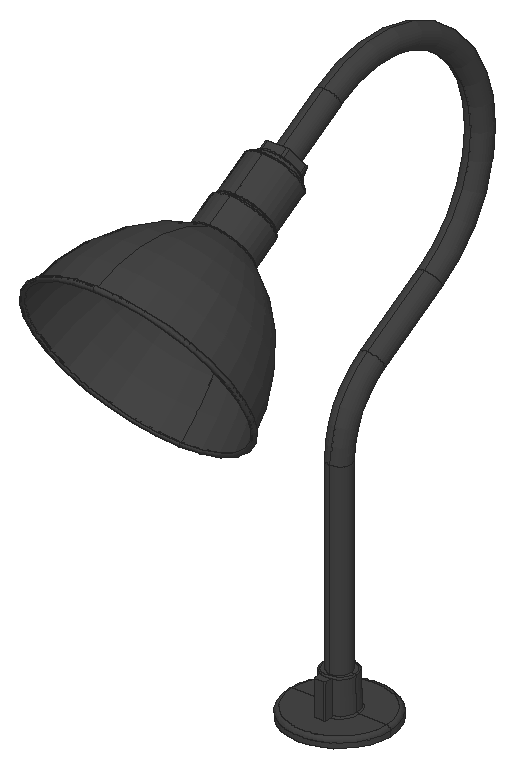
Revit family "BLE-G-DBW-G25-E26", category Lighting Fixtures, host Face, Revit 2022
Family settings
  Host = Face
  Round Connector Dimension = Use Diameter
  Part Type = Normal
  Cut with Voids When Loaded = No
  Light Source = Yes
  Maintain Annotation Orientation = No
  Shared = No
  Room Calculation Point = No
Parameters (values of type "10"")
  Wattage = 5.72229 W
  built-in parameter 1150110 = 1 (stored number, unit not read)
  built-in parameter 1114217 = 1 (stored number, unit not read)
  Tilt Angle = 0.00°
  built-in parameter 1150109 = 1 (stored number, unit not read)
  built-in parameter 1150134 = (empty or 0)
  built-in parameter 1150113 = 1 (stored number, unit not read)
  Gooseneck Material = 100 - Black
  Shade Material = 100 - Black
  Photometric Web File = "generic"
  built-in parameter 1150142 = (empty or 0)
  built-in parameter 1150105 = 67.641 (stored number, unit not read)
  Lumens = 850 lm
  built-in parameter 1150115 = 1 (stored number, unit not read)
  built-in parameter 1150137 = (empty or 0)
  built-in parameter 1150139 = (empty or 0)
  built-in parameter 1150112 = 1 (stored number, unit not read)
  built-in parameter 1150114 = 1 (stored number, unit not read)
  built-in parameter 1150132 = 2
  built-in parameter 1150102 = (empty or 0)
  built-in parameter 1150107 = 3000 (stored number, unit not read)
  built-in parameter 1150138 = (empty or 0)
  built-in parameter 1150106 = 0.67641 (stored number, unit not read)
  built-in parameter 1150104 = 13.8 (stored number, unit not read)
  20" = no
  Dimming Lamp Color Temperature Shift = <None>
  Default Elevation = 4' - 0"
  Color Filter = 16777215
  Base Material = 100 - Black
  built-in parameter 1114218 = 1 (stored number, unit not read)
  built-in parameter 1150133 = 10 (stored number, unit not read)
  16" = no
  14" = no
  12" = no
  10" = yes
Types (6): name | 20" | 16" | 14" | 12" | 10"
  (no name) | no | no | no | no | yes
  12" | no | no | no | yes | no
  14" | no | no | yes | no | no
  16" | no | yes | no | no | no
  10" | no | no | no | no | yes
  20" | yes | no | no | no | no
Reference planes (in)
  plane 1 "Center (Front/Back)": y = 0
  plane 2: z = 0
  plane 3 "Center (Left/Right)": x = 0
Lines and regions (in)
  reference lines
    curve 1: line (0, 32, 0) -> (0, -36, 0)
    curve 2: line (-33.11947, 0, 0) -> (37.88053, 0, 0)
Dimensions and locks (in)
  locked: nested 6 to imposter light at 1.75
  aligned and locked: plane 2 to host face
  aligned and locked: level to host face
  aligned and locked: plane 3 "Center (Left/Right)" to nested 1
  aligned and locked: plane 1 "Center (Front/Back)" to nested 1
  aligned and locked: imposter light to nested 6
  aligned and locked: nested 7 to nested 3
  aligned and locked: imposter light to plane 3 "Center (Left/Right)"
  aligned and locked: plane 1 "Center (Front/Back)" to nested 2
  aligned and locked: nested 3 to plane 3 "Center (Left/Right)"
  aligned and locked: nested 3 to nested 6
  aligned and locked: imposter light to nested 3
  aligned and locked: imposter light to nested 5
Nested families (in)
  nested 1: "WBP-7501" at (0, 0, 0), type "WBP-7501"
  nested 2: "G25" at (0, 0, 1.975), type "GNK-5011"
  nested 3: "DBW Shade" at (0, -3.65499, 23.80737) x (0, 0.5, -0.866) z (0, -0.866, -0.5), type "DBW Shade"
    with 24" no, 20" no, 16" no, 14" no, 12" no
  nested 4: "103264" at (0, -3.60156, 48.3054) x (0, 0, -1) z (0, -1, 0), type "103264"
    with Heat Sink 9" no
  nested 5: "CPL-0004" at (0, -3.09192, 24.13246) x (1, 0, 0) z (0, -0.866, -0.5), type "CPL-0004"
  nested 6: "E26 Socket Assy" at (0, -3.68882, 23.78784) x (0, 0.5, -0.866) z (0, -0.866, -0.5), type "E26 Socket Assy"
  nested 7: "E26 Bulb" at (0, -5.64169, 22.66034) x (1, 0, 0) z (0, -0.866, -0.5), type "E26 Bulb"
Connectors (in)
  electrical at (0, 0, 0)
    settings: index 1, voltage 0 V, apparent load 0 VA, apparent load phase1 0 VA, apparent load phase2 0 VA, apparent load phase3 0 VA, power factor 1, load classification "Other", number of poles 1, system type 31, power factor state 1, is connector primary yes, connector utility no, sub classification motor no, connector description ""
Definition of nested family "WBP-7501"
  Parameters (values of type "WBP-7501")
    Default Elevation = 3' - 0"
    Base Material = none
  Reference planes (in)
    plane 1 "Center (Front/Back)": y = 0
    plane 2: z = 0
    plane 3 "Center (Left/Right)": x = 0
    plane 4 "Base Dia": x = -2.325
    plane 5 "Base Height": z = 0.4
    plane 6 "Fillet Radius": z = 0.225
    plane 7: z = 0.458
    plane 8: x = -0.87
    plane 9: x = -0.81
    plane 10: x = -0.76
    plane 11: z = 1.917
    plane 12: z = 1.975
    plane 13: x = -0.7
    plane 14: x = -0.2595
    plane 15: x = 0.2595
    plane 16: y = -1.135
  Forms (in)
    Extrusion 1, solid
      sketch origin (0, 0, 0) x (1, 0, 0) y (0, 1, 0)
        loop
          line (-48, 48) -> (-48, -48) -> (48, -48) -> (48, 48) -> (-48, 48)
      from 0 to -12
    Revolve 2, solid, material <- "Base Material"
      sketch origin (0, 0, 0) x (1, 0, 0) y (0, 0, 1)
        loop
          line (0, 0) -> (0, 1.975) -> (-0.7, 1.975)
          arc (-0.7, 1.975) -> (-0.74172, 1.95814) -> (-0.76, 1.91702) r 0.06003
          line (-0.76, 1.91702) -> (-0.81, 0.458)
          arc (-0.81, 0.458) -> (-0.82699, 0.41699) -> (-0.868, 0.4) r 0.058
          line (-0.868, 0.4) -> (-2.15, 0.4)
          arc (-2.15, 0.4) -> (-2.27374, 0.34874) -> (-2.325, 0.225) r 0.175
          line (-2.325, 0.225) -> (-2.325, 0) -> (0, 0)
        axis (0, 0) -> (0, 1.975)
      angle from 0 to 360
    Extrusion 3, solid, material <- "Base Material"
      sketch origin (0, 0, 0) x (1, 0, 0) y (0, 1, 0)
        loop
          line (-0.2595, -0.76731) -> (-0.2595, -1.075)
          arc (-0.2595, -1.075) -> (-0.24193, -1.11743) -> (-0.1995, -1.135) r 0.06
          line (-0.1995, -1.135) -> (0.1995, -1.135)
          arc (0.1995, -1.135) -> (0.24193, -1.11743) -> (0.2595, -1.075) r 0.06
          line (0.2595, -1.075) -> (0.2595, -0.76731)
          arc (0.2595, -0.76731) -> (0, -0.81) -> (-0.2595, -0.76731) r 0.81
      from 0 to 1.975
  Cuts and joins
    joined: Revolve 2, Extrusion 3
  Dimensions and locks (in)
    plane 4 "Base Dia" to plane 3 "Center (Left/Right)" = 0' - 2.325"
    locked: plane 5 "Base Height" to Extrusion 1 at 0.4
    locked: plane 3 "Center (Left/Right)" to plane 4 "Base Dia" at 2.325
    locked: plane 5 "Base Height" to plane 6 "Fillet Radius" at 0.175
    locked: plane 3 "Center (Left/Right)" to plane 9 at 0.81
    locked: plane 3 "Center (Left/Right)" to plane 8 at 0.87
    locked: plane 3 "Center (Left/Right)" to plane 10 at 0.76
    locked: plane 3 "Center (Left/Right)" to plane 13 at 0.7
    locked: plane 11 to plane 5 "Base Height" at 1.517
    locked: plane 12 to plane 5 "Base Height" at 1.575
    locked: plane 7 to plane 5 "Base Height" at 0.058
    locked: plane 14 to plane 3 "Center (Left/Right)" at 0.2595
    locked: plane 3 "Center (Left/Right)" to plane 15 at 0.2595
    locked: plane 16 to plane 1 "Center (Front/Back)" at 1.135
    radius of Revolve 2 sketch curve = 0' - 0.175"
    aligned and locked: plane 2 to Extrusion 1
    aligned and locked: level to Extrusion 1
    aligned and locked: Revolve 2 sketch curve to plane 5 "Base Height"
    aligned and locked: plane 9 to Revolve 2 sketch curve
    aligned and locked: plane 3 "Center (Left/Right)" to Revolve 2 sketch curve
    aligned and locked: plane 15 to Extrusion 3 sketch curve
    aligned and locked: Extrusion 3 sketch curve to plane 16
    aligned and locked: Extrusion 3 sketch curve to plane 14
  Automatic sketch dimensions
    Extrusion 1 sketch curve to Extrusion 1 sketch curve = 8' - 0"  (x2)
    Revolve 2 sketch curve to level = 0' - 0"
    Revolve 2 sketch curve to plane 4 "Base Dia" = 0' - 0"
    Revolve 2 sketch curve to plane 7 = 0' - 0"  (x2)
    plane 10 to Revolve 2 sketch curve = 0' - 0"
    Revolve 2 sketch curve to plane 12 = 0' - 0"
    Revolve 2 sketch curve to plane 13 = 0' - 0"
    Revolve 2 sketch curve to plane 3 "Center (Left/Right)" = 0' - 0"
    Revolve 2 sketch curve to Revolve 2 sketch curve = 0' - 0.22742"
    Revolve 2 sketch curve to Revolve 2 sketch curve = 0' - 1.76377"
    plane 1 "Center (Front/Back)" to Extrusion 3 sketch curve = 0' - 0"
    Extrusion 3 sketch curve to plane 3 "Center (Left/Right)" = 0' - 0"
    plane 14 to Extrusion 3 sketch curve = 0' - 0.06"
    Extrusion 3 sketch curve to plane 15 = 0' - 0.06"
    Extrusion 3 sketch curve to Extrusion 3 sketch curve = 0' - 0.30769"
Definition of nested family "G25"
  Parameters (values of type "G25")
    Gooseneck Material = none
    Default Elevation = 2' - 0"
  Reference planes (in)
    plane 1 "Center (Front/Back)": y = 0
    plane 2: z = -0.0015
    plane 3 "Center (Left/Right)": x = 0
    plane 4 "Wood Height": z = -0.0015
  Forms (in)
    Extrusion 1, solid
      sketch origin (0, 0, 0) x (1, 0, 0) y (0, 1, 0)
        loop
          line (-48, 48) -> (-48, -48) -> (48, -48) -> (48, 48) -> (-48, 48)
      from -0.0015 to -12
    Sweep 2, solid, material <- "Gooseneck Material"
      path origin (0, 0, 0) x (0, 1, 0) y (0, 0, 1)
        loop
          line (0, -0.0015) -> (0, 8.50157)
          arc (0, 8.50157) -> (0.50169, 10.3739) -> (1.87233, 11.74454) r 3.74466
          line (1.87233, 11.74454) -> (5.12307, 13.62135)
          arc (5.12307, 13.62135) -> (7.22771, 21.47598) -> (-0.62692, 23.58062) r 5.74999
          line (-0.62692, 23.58062) -> (-3.09192, 22.15746)
      profile origin (0, 0, 4.25003) x (0, -1, 0) y (1, 0, 0)
        loop
          circle (0, 0) r 0.52676
  Dimensions and locks (in)
    aligned and locked: plane 2 to Extrusion 1
    aligned and locked: level to Extrusion 1
    aligned and locked: Extrusion 1 to plane 4 "Wood Height"
  Automatic sketch dimensions
    Extrusion 1 sketch curve to Extrusion 1 sketch curve = 8' - 0"  (x2)
    Sweep 2 sketch curve to plane 1 "Center (Front/Back)" = 0' - 0"
    Sweep 2 sketch curve to plane 2 = 0' - 0"
    plane 1 "Center (Front/Back)" to Sweep 2 sketch curve = 0' - 0.62692"
    Sweep 2 sketch curve to plane 1 "Center (Front/Back)" = 0' - 1.87233"
    Sweep 2 sketch curve to plane 1 "Center (Front/Back)" = 0' - 2.24807"
    Sweep 2 sketch curve to Sweep 2 sketch curve = 0' - 1.87233"
    level to Sweep 2 sketch curve = 0' - 8.50157"
    Sweep 2 sketch curve to Sweep 2 sketch curve = 0' - 1.87681"
    Sweep 2 sketch curve to Sweep 2 sketch curve = 0' - 1.42317"
    Sweep 2 sketch curve to plane 3 "Center (Left/Right)" = 0' - 0"
    Sweep 2 sketch curve to profile plane = 0' - 0"
    radius of Sweep 2 sketch curve = 0' - 0.52676"
Definition of nested family "DBW Shade"
  Parameters (values of type "DBW Shade")
    Shade Material = none
    Default Elevation = 2' - 0"
    24" = yes
    20" = yes
    10" = yes
    16" = yes
    14" = yes
    12" = yes
  Reference planes (in)
    plane 1 "Center (Front/Back)": y = 0
    plane 2: z = 0
    plane 3 "Center (Left/Right)": x = 0
  Forms (in)
    Extrusion 1, solid
      sketch origin (0, 0, 0) x (1, 0, 0) y (0, 1, 0)
        loop
          line (-48, 48) -> (-48, -48) -> (48, -48) -> (48, 48) -> (-48, 48)
      from 0 to -12
  Dimensions and locks (in)
    aligned and locked: plane 2 to Extrusion 1
    aligned and locked: level to Extrusion 1
    aligned and locked: plane 1 "Center (Front/Back)" to nested 1
    aligned and locked: plane 3 "Center (Left/Right)" to nested 1
    aligned and locked: plane 3 "Center (Left/Right)" to nested 2
    aligned and locked: plane 1 "Center (Front/Back)" to nested 2
    aligned and locked: plane 1 "Center (Front/Back)" to nested 3
    aligned and locked: plane 3 "Center (Left/Right)" to nested 3
    aligned and locked: plane 1 "Center (Front/Back)" to nested 4
    aligned and locked: plane 1 "Center (Front/Back)" to nested 5
    aligned and locked: plane 3 "Center (Left/Right)" to nested 5
    aligned and locked: plane 3 "Center (Left/Right)" to nested 6
    aligned and locked: plane 1 "Center (Front/Back)" to nested 6
    aligned and locked: plane 3 "Center (Left/Right)" to nested 4
  Nested families (in)
    nested 1: "SHD-0028" at (0, 0, 0), visible <- "10"", type "SHD-0028"
    nested 2: "SHD-0029" at (0, 0, 0), visible <- "12"", type "SHD-0029"
    nested 3: "SHD-0114" at (0, 0, 0), visible <- "14"", type "SHD-0114"
    nested 4: "SHD-0115" at (0, 0, 0), visible <- "16"", type "SHD-0115"
    nested 5: "SHD-0308" at (0, 0, 0), visible <- "24"", type "SHD-0308"
    nested 6: "SHD-0223" at (0, 0, 0), visible <- "20"", type "SHD-0223"
  Definition of nested family "SHD-0028"
    Parameters (values of type "SHD-0028")
      Shade Material = none
      Default Elevation = 2' - 0"
    Reference planes (in)
      plane 1 "Center (Front/Back)": y = 0
      plane 2: z = 0
      plane 3 "Center (Left/Right)": x = 0
      plane 4 "Wood Height": z = 0
      plane 5 "Nut Radius": x = -1.03713
      plane 6 "Nut Flat": x = -0.861
      plane 7 "Shade Thickness": z = 0.04
      plane 8 "Lower Shade bottom": z = 9.109
      plane 9 "Lower Shade Outer Dia": x = -5
      plane 10 "Shade Top Dia": x = -1.20713
      plane 11 "Shade Middle Radius Height1": z = 1.965
      plane 12 "Shade Lower Diameter1": x = -1.44113
      plane 13 "Shade Top Radius": x = -1.29713
      plane 14 "Shade Middle Radious Height2": z = 2.105
      plane 15 "Shade Middle Radius Diameter2": x = -1.41363
      plane 16 "Lip Height": z = 9.029
      plane 17 "Bowl Start": z = 3.545
      plane 18: x = -4.85
      plane 19: z = 9.069
    Forms (in)
      Extrusion 1, solid
        sketch origin (0, 0, 0) x (1, 0, 0) y (0, 1, 0)
          loop
            line (-48, 48) -> (-48, -48) -> (48, -48) -> (48, 48) -> (-48, 48)
        from 0 to -12
      Revolve 2, solid, material <- "Shade Material"
        sketch origin (0, 0, 0) x (1, 0, 0) y (0, 0, 1)
          loop
            line (0, 0) -> (0, 0.03906) -> (-1.20713, 0.03906)
            arc (-1.20713, 0.03906) -> (-1.24314, 0.05398) -> (-1.25806, 0.09) r 0.05094
            line (-1.25806, 0.09) -> (-1.25806, 1.94384)
            arc (-1.25806, 1.94384) -> (-1.26409, 1.97759) -> (-1.28141, 2.00717) r 0.09757
            line (-1.28141, 2.00717) -> (-1.37456, 2.11635) -> (-1.37456, 3.48096)
            arc (-1.37456, 3.48096) -> (-1.39014, 3.54099) -> (-1.43295, 3.58588) r 0.12347
            arc (-1.43295, 3.58588) -> (-3.7536, 5.90437) -> (-4.80544, 9.01154) r 7.20294
            arc (-4.80544, 9.01154) -> (-4.99326, 9.04214) -> (-4.84504, 8.9228) r 0.09841
            line (-4.84504, 8.9228) -> (-4.86619, 8.95581)
            arc (-4.86619, 8.95581) -> (-4.95809, 9.02506) -> (-4.84432, 9.00777) r 0.05934
            arc (-4.84432, 9.00777) -> (-3.78678, 5.88375) -> (-1.45354, 3.55268) r 7.242
            arc (-1.45354, 3.55268) -> (-1.42428, 3.522) -> (-1.41363, 3.48096) r 0.0844
            line (-1.41363, 3.48096) -> (-1.41363, 2.13147)
            arc (-1.41363, 2.13147) -> (-1.40868, 2.10377) -> (-1.39446, 2.07949) r 0.08009
            line (-1.39446, 2.07949) -> (-1.31112, 1.98181)
            arc (-1.31112, 1.98181) -> (-1.30074, 1.96408) -> (-1.29713, 1.94384) r 0.0585
            line (-1.29713, 1.94384) -> (-1.29713, 0.09)
            arc (-1.29713, 0.09) -> (-1.27077, 0.02636) -> (-1.20713, 0) r 0.09
            line (-1.20713, 0) -> (0, 0)
          axis (0, 9.01154) -> (0, 0)
        angle from 0 to 360
    Dimensions and locks (in)
      locked: plane 6 "Nut Flat" to plane 3 "Center (Left/Right)" at 0.861
      locked: plane 7 "Shade Thickness" to plane 4 "Wood Height" at 0.04
      locked: plane 3 "Center (Left/Right)" to plane 9 "Lower Shade Outer Dia" at 5
      locked: plane 11 "Shade Middle Radius Height1" to plane 4 "Wood Height" at 1.965
      locked: plane 14 "Shade Middle Radious Height2" to plane 4 "Wood Height" at 2.105
      locked: plane 8 "Lower Shade bottom" to plane 16 "Lip Height" at 0.08
      locked: plane 17 "Bowl Start" to plane 4 "Wood Height" at 3.545
      locked: plane 18 to plane 9 "Lower Shade Outer Dia" at 0.15
      locked: plane 8 "Lower Shade bottom" to plane 19 at 0.04
      locked: plane 8 "Lower Shade bottom" to plane 4 "Wood Height" at 9.109
      aligned and locked: plane 2 to Extrusion 1
      aligned and locked: level to Extrusion 1
      aligned and locked: plane 4 "Wood Height" to Revolve 2 sketch curve
      aligned and locked: plane 10 "Shade Top Dia" to Revolve 2 sketch curve
      aligned and locked: Revolve 2 sketch curve to plane 15 "Shade Middle Radius Diameter2"
      aligned and locked: Revolve 2 sketch curve to plane 13 "Shade Top Radius"
      aligned and locked: Extrusion 1 to plane 4 "Wood Height"
    Automatic sketch dimensions
      Extrusion 1 sketch curve to Extrusion 1 sketch curve = 8' - 0"  (x2)
      Revolve 2 sketch curve to Revolve 2 sketch curve = 0' - 0"  (x12)
      Revolve 2 sketch curve to plane 3 "Center (Left/Right)" = 0' - 0"  (x2)
      plane 18 to Revolve 2 sketch curve = 0' - 0.00496"
      Revolve 2 sketch curve to plane 18 = 0' - 0.01619"
      plane 15 "Shade Middle Radius Diameter2" to Revolve 2 sketch curve = 0' - 0.01916"
      plane 14 "Shade Middle Radious Height2" to Revolve 2 sketch curve = 0' - 0.01135"
      plane 15 "Shade Middle Radius Diameter2" to Revolve 2 sketch curve = 0' - 0 5/128"
      Revolve 2 sketch curve to plane 11 "Shade Middle Radius Height1" = 0' - 0.02116"
      plane 15 "Shade Middle Radius Diameter2" to Revolve 2 sketch curve = 0' - 0.058"
      plane 14 "Shade Middle Radious Height2" to Revolve 2 sketch curve = 0' - 0.02647"
      Revolve 2 sketch curve to plane 13 "Shade Top Radius" = 0' - 0.01572"
      Revolve 2 sketch curve to Revolve 2 sketch curve = 0' - 0 5/128"
      Revolve 2 sketch curve to plane 17 "Bowl Start" = 0' - 0.06404"
      plane 18 to Revolve 2 sketch curve = 0' - 0.00568"
      plane 17 "Bowl Start" to Revolve 2 sketch curve = 0' - 0.15101"
      Revolve 2 sketch curve to Revolve 2 sketch curve = 0' - 2.15863"
      Revolve 2 sketch curve to plane 12 "Shade Lower Diameter1" = 0' - 0.00818"
      Revolve 2 sketch curve to Revolve 2 sketch curve = 0' - 0.03888"  (x2)
      Revolve 2 sketch curve to Revolve 2 sketch curve = 0' - 0.03301"
      Revolve 2 sketch curve to Revolve 2 sketch curve = 0' - 0.02059"
      Revolve 2 sketch curve to Revolve 2 sketch curve = 0' - 0.03319"
  Definition of nested family "SHD-0029"
    Parameters (values of type "SHD-0029")
      Shade Material = none
      Default Elevation = 2' - 0"
    Reference planes (in)
      plane 1 "Center (Front/Back)": y = 0
      plane 2: z = 0
      plane 3 "Center (Left/Right)": x = 0
      plane 4 "Wood Height": z = 0
      plane 5 "Nut Radius": x = -1.03713
      plane 6 "Nut Flat": x = -0.861
      plane 7 "Shade Thickness": z = 0.04
      plane 8 "Shade Top Dia": x = -1.20713
      plane 9 "Shade Middle Radius Height1": z = 1.965
      plane 10 "Shade Lower Diameter1": x = -1.44113
      plane 11 "Shade Top Radius": x = -1.29713
      plane 12 "Shade Middle Radious Height2": z = 2.105
      plane 13 "Shade Middle Radius Diameter2": x = -1.41363
      plane 14 "Bowl Start": z = 3.545
    Forms (in)
      Extrusion 1, solid
        sketch origin (0, 0, 0) x (1, 0, 0) y (0, 1, 0)
          loop
            line (-48, 48) -> (-48, -48) -> (48, -48) -> (48, 48) -> (-48, 48)
        from 0 to -12
      Revolve 2, solid, material <- "Shade Material"
        sketch origin (0, 0, 0) x (1, 0, 0) y (0, 0, 1)
          loop
            line (0, 0) -> (0, 0.03906) -> (-1.20713, 0.03906)
            arc (-1.20713, 0.03906) -> (-1.24314, 0.05398) -> (-1.25806, 0.09) r 0.05094
            line (-1.25806, 0.09) -> (-1.25806, 1.94384)
            arc (-1.25806, 1.94384) -> (-1.26409, 1.97759) -> (-1.28141, 2.00717) r 0.09757
            line (-1.28141, 2.00717) -> (-1.37456, 2.11635) -> (-1.37456, 3.49488)
            arc (-1.37456, 3.49488) -> (-1.3856, 3.54027) -> (-1.41623, 3.57553) r 0.09889
            arc (-1.41623, 3.57553) -> (-4.2546, 6.22323) -> (-5.80711, 9.7808) r 9.56481
            arc (-5.80711, 9.7808) -> (-5.99536, 9.79563) -> (-5.84506, 9.68132) r 0.09841
            line (-5.84506, 9.68132) -> (-5.86621, 9.71432)
            arc (-5.86621, 9.71432) -> (-5.9593, 9.78052) -> (-5.84534, 9.77276) r 0.05934
            arc (-5.84534, 9.77276) -> (-4.28694, 6.2013) -> (-1.43786, 3.54296) r 9.60387
            arc (-1.43786, 3.54296) -> (-1.42003, 3.5218) -> (-1.41363, 3.49488) r 0.05982
            line (-1.41363, 3.49488) -> (-1.41363, 2.13147)
            arc (-1.41363, 2.13147) -> (-1.40868, 2.10377) -> (-1.39446, 2.07949) r 0.08009
            line (-1.39446, 2.07949) -> (-1.31112, 1.98181)
            arc (-1.31112, 1.98181) -> (-1.30074, 1.96408) -> (-1.29713, 1.94384) r 0.0585
            line (-1.29713, 1.94384) -> (-1.29713, 0.09)
            arc (-1.29713, 0.09) -> (-1.27077, 0.02636) -> (-1.20713, 0) r 0.09
            line (-1.20713, 0) -> (0, 0)
          axis (0, 9.7808) -> (0, 0)
        angle from 0 to 360
    Dimensions and locks (in)
      locked: plane 6 "Nut Flat" to plane 3 "Center (Left/Right)" at 0.861
      locked: plane 7 "Shade Thickness" to plane 4 "Wood Height" at 0.04
      locked: plane 9 "Shade Middle Radius Height1" to plane 4 "Wood Height" at 1.965
      locked: plane 12 "Shade Middle Radious Height2" to plane 4 "Wood Height" at 2.105
      locked: plane 14 "Bowl Start" to plane 4 "Wood Height" at 3.545
      aligned and locked: plane 2 to Extrusion 1
      aligned and locked: level to Extrusion 1
      aligned and locked: plane 4 "Wood Height" to Revolve 2 sketch curve
      aligned and locked: plane 8 "Shade Top Dia" to Revolve 2 sketch curve
      aligned and locked: Revolve 2 sketch curve to plane 13 "Shade Middle Radius Diameter2"
      aligned and locked: Revolve 2 sketch curve to plane 11 "Shade Top Radius"
      aligned and locked: Extrusion 1 to plane 4 "Wood Height"
    Automatic sketch dimensions
      Extrusion 1 sketch curve to Extrusion 1 sketch curve = 8' - 0"  (x2)
      Revolve 2 sketch curve to Revolve 2 sketch curve = 0' - 0"  (x15)
      Revolve 2 sketch curve to plane 3 "Center (Left/Right)" = 0' - 0"  (x2)
      plane 10 "Shade Lower Diameter1" to Revolve 2 sketch curve = 0' - 0.03232"
      Revolve 2 sketch curve to Revolve 2 sketch curve = 0' - 0.02115"
      Revolve 2 sketch curve to Revolve 2 sketch curve = 0' - 0.0372"
      plane 13 "Shade Middle Radius Diameter2" to Revolve 2 sketch curve = 0' - 0.01916"
      plane 12 "Shade Middle Radious Height2" to Revolve 2 sketch curve = 0' - 0.01135"
      plane 13 "Shade Middle Radius Diameter2" to Revolve 2 sketch curve = 0' - 0 5/128"
      Revolve 2 sketch curve to plane 9 "Shade Middle Radius Height1" = 0' - 0.02116"
      plane 13 "Shade Middle Radius Diameter2" to Revolve 2 sketch curve = 0' - 0.058"
      plane 12 "Shade Middle Radious Height2" to Revolve 2 sketch curve = 0' - 0.02647"
      Revolve 2 sketch curve to plane 11 "Shade Top Radius" = 0' - 0.01572"
      Revolve 2 sketch curve to Revolve 2 sketch curve = 0' - 0 5/128"
      Revolve 2 sketch curve to plane 14 "Bowl Start" = 0' - 0.05012"
      Revolve 2 sketch curve to Revolve 2 sketch curve = 0' - 0.03301"
      Revolve 2 sketch curve to Revolve 2 sketch curve = 0' - 0.04623"
      Revolve 2 sketch curve to plane 13 "Shade Middle Radius Diameter2" = 0' - 0.00261"
      Revolve 2 sketch curve to plane 14 "Bowl Start" = 0' - 0.00204"
      plane 14 "Bowl Start" to Revolve 2 sketch curve = 0' - 0.15101"
      Revolve 2 sketch curve to Revolve 2 sketch curve = 0' - 2.15863"
      plane 10 "Shade Lower Diameter1" to Revolve 2 sketch curve = 0' - 4.40394"
      plane 3 "Center (Left/Right)" to Revolve 2 sketch curve = 0' - 3.5532"
      plane 14 "Bowl Start" to Revolve 2 sketch curve = 0' - 6.13632"
  Definition of nested family "SHD-0114"
    Parameters (values of type "SHD-0114")
      Shade Material = none
      Default Elevation = 2' - 0"
    Reference planes (in)
      plane 1 "Center (Front/Back)": y = 0
      plane 2: z = 0
      plane 3 "Center (Left/Right)": x = 0
      plane 4 "Wood Height": z = 0
    Forms (in)
      Extrusion 1, solid
        sketch origin (0, 0, 0) x (1, 0, 0) y (0, 1, 0)
          loop
            line (-48, 48) -> (-48, -48) -> (48, -48) -> (48, 48) -> (-48, 48)
        from 0 to -12
      Revolve 2, solid, material <- "Shade Material"
        sketch origin (0, 0, 0) x (1, 0, 0) y (0, 0, 1)
          loop
            line (0, 0) -> (0, 0.03906) -> (-1.45545, 0.03906)
            arc (-1.45545, 0.03906) -> (-1.49164, 0.05405) -> (-1.50663, 0.09025) r 0.05119
            line (-1.50663, 0.09025) -> (-1.50663, 2.07228)
            arc (-1.50663, 2.07228) -> (-1.51325, 2.1034) -> (-1.53194, 2.12913) r 0.0765
            line (-1.53194, 2.12913) -> (-1.59895, 2.18946)
            arc (-1.59895, 2.18946) -> (-1.61737, 2.21483) -> (-1.62389, 2.24549) r 0.07539
            line (-1.62389, 2.24549) -> (-1.62389, 3.76049)
            arc (-1.62389, 3.76049) -> (-1.63985, 3.81863) -> (-1.68326, 3.86047) r 0.11386
            arc (-1.68326, 3.86047) -> (-5.12462, 6.95788) -> (-6.79993, 11.27416) r 9.99002
            arc (-6.79993, 11.27416) -> (-6.99505, 11.29998) -> (-6.84047, 11.17815) r 0.10205
            line (-6.84047, 11.17815) -> (-6.86365, 11.20959)
            arc (-6.86365, 11.20959) -> (-6.95906, 11.28479) -> (-6.83863, 11.26885) r 0.06299
            arc (-6.83863, 11.26885) -> (-5.15677, 6.93569) -> (-1.70196, 3.82617) r 10.02909
            arc (-1.70196, 3.82617) -> (-1.67344, 3.79868) -> (-1.66295, 3.76049) r 0.07479
            line (-1.66295, 3.76049) -> (-1.66295, 2.24549)
            arc (-1.66295, 2.24549) -> (-1.65306, 2.19894) -> (-1.62508, 2.16043) r 0.11445
            line (-1.62508, 2.16043) -> (-1.55808, 2.1001)
            arc (-1.55808, 2.1001) -> (-1.54893, 2.08751) -> (-1.54569, 2.07228) r 0.03743
            line (-1.54569, 2.07228) -> (-1.54569, 0.09025)
            arc (-1.54569, 0.09025) -> (-1.51926, 0.02643) -> (-1.45545, 0) r 0.09025
            line (-1.45545, 0) -> (0, 0)
          axis (0, 11.27416) -> (0, 0)
        angle from 0 to 360
    Dimensions and locks (in)
      aligned and locked: plane 2 to Extrusion 1
      aligned and locked: level to Extrusion 1
      aligned and locked: Extrusion 1 to plane 4 "Wood Height"
    Automatic sketch dimensions
      Extrusion 1 sketch curve to Extrusion 1 sketch curve = 8' - 0"  (x2)
      Revolve 2 sketch curve to Revolve 2 sketch curve = 0' - 0"  (x25)
      Revolve 2 sketch curve to level = 0' - 0"
      Revolve 2 sketch curve to plane 3 "Center (Left/Right)" = 0' - 0"  (x2)
      Revolve 2 sketch curve to Revolve 2 sketch curve = 0' - 0.01239"
      Revolve 2 sketch curve to Revolve 2 sketch curve = 0' - 0.07479"
      Revolve 2 sketch curve to Revolve 2 sketch curve = 0' - 0.02318"
      Revolve 2 sketch curve to Revolve 2 sketch curve = 0' - 0.03738"
      Revolve 2 sketch curve to Revolve 2 sketch curve = 0' - 0.03144"
      Revolve 2 sketch curve to Revolve 2 sketch curve = 0' - 0.0507"
      Revolve 2 sketch curve to Revolve 2 sketch curve = 0' - 0.01869"  (x2)
      Revolve 2 sketch curve to Revolve 2 sketch curve = 0' - 2.15863"
      plane 3 "Center (Left/Right)" to Revolve 2 sketch curve = 0' - 3.09734"
      Revolve 2 sketch curve to Revolve 2 sketch curve = 0' - 0.02614"
      Revolve 2 sketch curve to Revolve 2 sketch curve = 0' - 0 5/128"  (x2)
      Revolve 2 sketch curve to Revolve 2 sketch curve = 0' - 1.45545"
      Revolve 2 sketch curve to Revolve 2 sketch curve = 0' - 0.05119"
      Revolve 2 sketch curve to Revolve 2 sketch curve = 0' - 0.02531"
      Revolve 2 sketch curve to Revolve 2 sketch curve = 0' - 0.01656"
      Revolve 2 sketch curve to Revolve 2 sketch curve = 0' - 0.02505"
      Revolve 2 sketch curve to Revolve 2 sketch curve = 0' - 0.05045"
      Revolve 2 sketch curve to plane 3 "Center (Left/Right)" = 0' - 6.84047"
      Revolve 2 sketch curve to Revolve 2 sketch curve = 0' - 1.98204"
      Revolve 2 sketch curve to Revolve 2 sketch curve = 0' - 1.515"
      Revolve 2 sketch curve to Revolve 2 sketch curve = 0' - 7.41765"
      Revolve 2 sketch curve to Revolve 2 sketch curve = 0' - 0.06448"
  Definition of nested family "SHD-0115"
    Parameters (values of type "SHD-0115")
      Shade Material = none
      Default Elevation = 2' - 0"
    Reference planes (in)
      plane 1 "Center (Front/Back)": y = 0
      plane 2: z = 0
      plane 3 "Center (Left/Right)": x = 0
      plane 4 "Wood Height": z = 0
    Forms (in)
      Extrusion 1, solid
        sketch origin (0, 0, 0) x (1, 0, 0) y (0, 1, 0)
          loop
            line (-48, 48) -> (-48, -48) -> (48, -48) -> (48, 48) -> (-48, 48)
        from 0 to -12
      Revolve 2, solid, material <- "Shade Material"
        sketch origin (0, 0, 0) x (1, 0, 0) y (0, 0, 1)
          loop
            line (0, 0) -> (0, 0.03906) -> (-1.45545, 0.03906)
            arc (-1.45545, 0.03906) -> (-1.49164, 0.05405) -> (-1.50663, 0.09025) r 0.05119
            line (-1.50663, 0.09025) -> (-1.50663, 2.07228)
            arc (-1.50663, 2.07228) -> (-1.51325, 2.1034) -> (-1.53194, 2.12913) r 0.0765
            line (-1.53194, 2.12913) -> (-1.59895, 2.18946)
            arc (-1.59895, 2.18946) -> (-1.61737, 2.21483) -> (-1.62389, 2.24549) r 0.07539
            line (-1.62389, 2.24549) -> (-1.62389, 3.76049)
            arc (-1.62389, 3.76049) -> (-1.64115, 3.82076) -> (-1.6877, 3.86276) r 0.11386
            arc (-1.6877, 3.86276) -> (-5.9143, 7.51176) -> (-7.79992, 12.76759) r 10.98102
            arc (-7.79992, 12.76759) -> (-7.99459, 12.80067) -> (-7.84102, 12.67655) r 0.10205
            line (-7.84102, 12.67655) -> (-7.8642, 12.70799)
            arc (-7.8642, 12.70799) -> (-7.95899, 12.7846) -> (-7.83883, 12.76418) r 0.06299
            arc (-7.83883, 12.76418) -> (-5.94651, 7.48965) -> (-1.70487, 3.82767) r 11.02008
            arc (-1.70487, 3.82767) -> (-1.67429, 3.80009) -> (-1.66295, 3.76049) r 0.07479
            line (-1.66295, 3.76049) -> (-1.66295, 2.24549)
            arc (-1.66295, 2.24549) -> (-1.65306, 2.19894) -> (-1.62508, 2.16043) r 0.11445
            line (-1.62508, 2.16043) -> (-1.55808, 2.1001)
            arc (-1.55808, 2.1001) -> (-1.54893, 2.08751) -> (-1.54569, 2.07228) r 0.03743
            line (-1.54569, 2.07228) -> (-1.54569, 0.09025)
            arc (-1.54569, 0.09025) -> (-1.51926, 0.02643) -> (-1.45545, 0) r 0.09025
            line (-1.45545, 0) -> (0, 0)
          axis (0, 12.76759) -> (0, 0)
        angle from 0 to 360
    Dimensions and locks (in)
      aligned and locked: plane 2 to Extrusion 1
      aligned and locked: level to Extrusion 1
      aligned and locked: Extrusion 1 to plane 4 "Wood Height"
    Automatic sketch dimensions
      Extrusion 1 sketch curve to Extrusion 1 sketch curve = 8' - 0"  (x2)
      Revolve 2 sketch curve to Revolve 2 sketch curve = 0' - 0"  (x16)
      Revolve 2 sketch curve to level = 0' - 0"
      Revolve 2 sketch curve to plane 3 "Center (Left/Right)" = 0' - 0"  (x2)
      Revolve 2 sketch curve to Revolve 2 sketch curve = 0' - 1.45545"
      Revolve 2 sketch curve to plane 3 "Center (Left/Right)" = 0' - 1.50663"
      Revolve 2 sketch curve to Revolve 2 sketch curve = 0' - 0.02531"
      Revolve 2 sketch curve to Revolve 2 sketch curve = 0' - 0 5/128"
      Revolve 2 sketch curve to Revolve 2 sketch curve = 0' - 0.01656"
      Revolve 2 sketch curve to Revolve 2 sketch curve = 0' - 0.01239"
      Revolve 2 sketch curve to Revolve 2 sketch curve = 0' - 0.02505"
      Revolve 2 sketch curve to Revolve 2 sketch curve = 0' - 0.05045"
      Revolve 2 sketch curve to Revolve 2 sketch curve = 0' - 0.02494"
      Revolve 2 sketch curve to Revolve 2 sketch curve = 0' - 0.02614"
      Revolve 2 sketch curve to Revolve 2 sketch curve = 0' - 0.07479"
      Revolve 2 sketch curve to Revolve 2 sketch curve = 0' - 0.02318"
      Revolve 2 sketch curve to Revolve 2 sketch curve = 0' - 0.03738"
      plane 3 "Center (Left/Right)" to Revolve 2 sketch curve = 0' - 3.13919"
      Revolve 2 sketch curve to Revolve 2 sketch curve = 0' - 1.98204"
      Revolve 2 sketch curve to Revolve 2 sketch curve = 0' - 1.515"
      Revolve 2 sketch curve to Revolve 2 sketch curve = 0' - 0.03144"
      Revolve 2 sketch curve to Revolve 2 sketch curve = 0' - 0.0507"
      Revolve 2 sketch curve to Revolve 2 sketch curve = 0' - 1.04947"
      Revolve 2 sketch curve to Revolve 2 sketch curve = 0' - 0.03891"
      Revolve 2 sketch curve to Revolve 2 sketch curve = 0' - 0.06448"
      Revolve 2 sketch curve to Revolve 2 sketch curve = 0' - 2.15863"
  Definition of nested family "SHD-0308"
    Parameters (values of type "SHD-0308")
      Shade Material = none
      Default Elevation = 2' - 0"
    Reference planes (in)
      plane 1 "Center (Front/Back)": y = 0
      plane 2: z = 0
      plane 3 "Center (Left/Right)": x = 0
      plane 4 "Wood Height": z = 0
    Forms (in)
      Extrusion 1, solid
        sketch origin (0, 0, 0) x (1, 0, 0) y (0, 1, 0)
          loop
            line (-48, 48) -> (-48, -48) -> (48, -48) -> (48, 48) -> (-48, 48)
        from 0 to -12
      Revolve 2, solid, material <- "Shade Material"
        sketch origin (0, 0, 0) x (1, 0, 0) y (0, 0, 1)
          loop
            line (0, 0) -> (0, 0.03906) -> (-2.22237, 0.03906)
            arc (-2.22237, 0.03906) -> (-2.2742, 0.06053) -> (-2.29567, 0.11236) r 0.0733
            line (-2.29567, 0.11236) -> (-2.29567, 3.09806)
            arc (-2.29567, 3.09806) -> (-2.30835, 3.16758) -> (-2.34475, 3.22814) r 0.19691
            line (-2.34475, 3.22814) -> (-2.42725, 3.32189)
            arc (-2.42725, 3.32189) -> (-2.46224, 3.38009) -> (-2.47442, 3.4469) r 0.18923
            line (-2.47442, 3.4469) -> (-2.47442, 5.72055)
            arc (-2.47442, 5.72055) -> (-2.4994, 5.80773) -> (-2.56677, 5.86845) r 0.16462
            arc (-2.56677, 5.86845) -> (-9.0535, 11.47959) -> (-11.91654, 19.56448) r 16.76616
            arc (-11.91654, 19.56448) -> (-11.93143, 19.59499) -> (-11.96306, 19.60734) r 0.04667
            line (-11.96306, 19.60734) -> (-12.00319, 19.60734)
            arc (-12.00319, 19.60734) -> (-12.07667, 19.53386) -> (-12.00319, 19.46037) r 0.07348
            line (-12.00319, 19.46037) -> (-11.96309, 19.46037) -> (-11.96309, 19.49944) -> (-12.00319, 19.49944)
            arc (-12.00319, 19.49944) -> (-12.03761, 19.53386) -> (-12.00319, 19.56828) r 0.03442
            line (-12.00319, 19.56828) -> (-11.95604, 19.56828)
            arc (-11.95604, 19.56828) -> (-9.08774, 11.46046) -> (-2.58392, 5.83336) r 16.80523
            arc (-2.58392, 5.83336) -> (-2.53254, 5.78704) -> (-2.51348, 5.72055) r 0.12556
            line (-2.51348, 5.72055) -> (-2.51348, 3.4469)
            arc (-2.51348, 3.4469) -> (-2.49878, 3.3663) -> (-2.45658, 3.29609) r 0.22829
            line (-2.45658, 3.29609) -> (-2.37408, 3.20234)
            arc (-2.37408, 3.20234) -> (-2.34489, 3.15379) -> (-2.33473, 3.09806) r 0.15785
            line (-2.33473, 3.09806) -> (-2.33473, 0.11236)
            arc (-2.33473, 0.11236) -> (-2.30182, 0.03291) -> (-2.22237, 0) r 0.11236
            line (-2.22237, 0) -> (0, 0)
          axis (0, 19.60734) -> (0, 0)
        angle from 0 to 360
    Dimensions and locks (in)
      aligned and locked: plane 2 to Extrusion 1
      aligned and locked: level to Extrusion 1
      aligned and locked: Extrusion 1 to plane 4 "Wood Height"
    Automatic sketch dimensions
      Extrusion 1 sketch curve to Extrusion 1 sketch curve = 8' - 0"  (x2)
      Revolve 2 sketch curve to Revolve 2 sketch curve = 0' - 0"  (x24)
      Revolve 2 sketch curve to level = 0' - 0"
      Revolve 2 sketch curve to plane 3 "Center (Left/Right)" = 0' - 0"  (x2)
      Revolve 2 sketch curve to Revolve 2 sketch curve = 0' - 0.01047"
      Revolve 2 sketch curve to Revolve 2 sketch curve = 0' - 0.01002"
      Revolve 2 sketch curve to Revolve 2 sketch curve = 0' - 0.02933"  (x2)
      Revolve 2 sketch curve to Revolve 2 sketch curve = 0' - 0.04717"
      Revolve 2 sketch curve to Revolve 2 sketch curve = 0' - 0.12556"
      Revolve 2 sketch curve to Revolve 2 sketch curve = 0' - 0.00701"
      Revolve 2 sketch curve to Revolve 2 sketch curve = 0' - 0.00004"
      Revolve 2 sketch curve to Revolve 2 sketch curve = 0' - 0.04013"
      plane 3 "Center (Left/Right)" to Revolve 2 sketch curve = 0' - 4.79372"
      Revolve 2 sketch curve to Revolve 2 sketch curve = 0' - 0 5/128"  (x2)
      Revolve 2 sketch curve to Revolve 2 sketch curve = 0' - 2.9857"
      Revolve 2 sketch curve to Revolve 2 sketch curve = 0' - 2.27365"
      Revolve 2 sketch curve to Revolve 2 sketch curve = 0' - 0.03442"
      Revolve 2 sketch curve to Revolve 2 sketch curve = 0' - 0.00761"
      Revolve 2 sketch curve to Revolve 2 sketch curve = 0' - 0.24911"
      Revolve 2 sketch curve to Revolve 2 sketch curve = 0' - 2.15863"
      Revolve 2 sketch curve to Revolve 2 sketch curve = 0' - 2.22237"
      Revolve 2 sketch curve to plane 3 "Center (Left/Right)" = 0' - 2.28519"
      Revolve 2 sketch curve to plane 3 "Center (Left/Right)" = 0' - 11.95604"
      Revolve 2 sketch curve to Revolve 2 sketch curve = 1' - 1.73983"
      Revolve 2 sketch curve to Revolve 2 sketch curve = 1' - 3.07792"
  Definition of nested family "SHD-0223"
    Parameters (values of type "SHD-0223")
      Shade Material = none
      Default Elevation = 2' - 0"
    Reference planes (in)
      plane 1 "Center (Front/Back)": y = 0
      plane 2: z = 0
      plane 3 "Center (Left/Right)": x = 0
      plane 4 "Wood Height": z = 0
    Forms (in)
      Extrusion 1, solid
        sketch origin (0, 0, 0) x (1, 0, 0) y (0, 1, 0)
          loop
            line (-48, 48) -> (-48, -48) -> (48, -48) -> (48, 48) -> (-48, 48)
        from 0 to -12
      Revolve 2, solid, material <- "Shade Material"
        sketch origin (0, 0, 0) x (1, 0, 0) y (0, 0, 1)
          loop
            line (0, 0) -> (0, 0.03906) -> (-1.8485, 0.03906)
            arc (-1.8485, 0.03906) -> (-1.88896, 0.05582) -> (-1.90572, 0.09628) r 0.05722
            line (-1.90572, 0.09628) -> (-1.90572, 2.57881)
            arc (-1.90572, 2.57881) -> (-1.9168, 2.64011) -> (-1.94865, 2.69364) r 0.17504
            line (-1.94865, 2.69364) -> (-2.01787, 2.77327)
            arc (-2.01787, 2.77327) -> (-2.04498, 2.81883) -> (-2.05441, 2.871) r 0.14898
            line (-2.05441, 2.871) -> (-2.05441, 4.7663)
            arc (-2.05441, 4.7663) -> (-2.07634, 4.84285) -> (-2.13548, 4.89618) r 0.14458
            arc (-2.13548, 4.89618) -> (-7.53748, 9.56968) -> (-9.92412, 16.30223) r 13.97395
            arc (-9.92412, 16.30223) -> (-9.93712, 16.32887) -> (-9.96474, 16.33964) r 0.04076
            line (-9.96474, 16.33964) -> (-10.00281, 16.33964)
            arc (-10.00281, 16.33964) -> (-10.06432, 16.27814) -> (-10.00281, 16.21663) r 0.06151
            line (-10.00281, 16.21663) -> (-9.96563, 16.21663) -> (-9.96563, 16.25569) -> (-10.00281, 16.25569)
            arc (-10.00281, 16.25569) -> (-10.02526, 16.27814) -> (-10.00281, 16.30058) r 0.02244
            line (-10.00281, 16.30058) -> (-9.96317, 16.30058)
            arc (-9.96317, 16.30058) -> (-7.57018, 9.5483) -> (-2.15264, 4.86109) r 14.01301
            arc (-2.15264, 4.86109) -> (-2.10948, 4.82217) -> (-2.09348, 4.7663) r 0.10551
            line (-2.09348, 4.7663) -> (-2.09348, 2.871)
            arc (-2.09348, 2.871) -> (-2.08157, 2.80515) -> (-2.04735, 2.74764) r 0.18804
            line (-2.04735, 2.74764) -> (-1.97814, 2.66801)
            arc (-1.97814, 2.66801) -> (-1.95339, 2.62643) -> (-1.94478, 2.57881) r 0.13598
            line (-1.94478, 2.57881) -> (-1.94478, 0.09628)
            arc (-1.94478, 0.09628) -> (-1.91658, 0.0282) -> (-1.8485, 0) r 0.09628
            line (-1.8485, 0) -> (0, 0)
          axis (0, 16.33964) -> (0, 0)
        angle from 0 to 360
    Dimensions and locks (in)
      aligned and locked: plane 2 to Extrusion 1
      aligned and locked: level to Extrusion 1
      aligned and locked: Extrusion 1 to plane 4 "Wood Height"
    Automatic sketch dimensions
      Extrusion 1 sketch curve to Extrusion 1 sketch curve = 8' - 0"  (x2)
      Revolve 2 sketch curve to Revolve 2 sketch curve = 0' - 0"  (x24)
      Revolve 2 sketch curve to level = 0' - 0"
      Revolve 2 sketch curve to plane 3 "Center (Left/Right)" = 0' - 0"  (x2)
      Revolve 2 sketch curve to Revolve 2 sketch curve = 0' - 0.05722"
      Revolve 2 sketch curve to Revolve 2 sketch curve = 0' - 0.00387"
      Revolve 2 sketch curve to Revolve 2 sketch curve = 0' - 0.02948"  (x2)
      Revolve 2 sketch curve to Revolve 2 sketch curve = 0' - 0.06922"
      Revolve 2 sketch curve to Revolve 2 sketch curve = 0' - 0.10551"
      Revolve 2 sketch curve to Revolve 2 sketch curve = 0' - 0.00156"
      Revolve 2 sketch curve to Revolve 2 sketch curve = 0' - 0.0009"
      Revolve 2 sketch curve to Revolve 2 sketch curve = 0' - 0.03807"
      plane 3 "Center (Left/Right)" to Revolve 2 sketch curve = 0' - 4.00263"
      Revolve 2 sketch curve to Revolve 2 sketch curve = 0' - 0 5/128"  (x2)
      Revolve 2 sketch curve to Revolve 2 sketch curve = 0' - 0.02244"
      Revolve 2 sketch curve to Revolve 2 sketch curve = 0' - 0.0017"
      Revolve 2 sketch curve to Revolve 2 sketch curve = 0' - 2.15863"
      Revolve 2 sketch curve to Revolve 2 sketch curve = 0' - 11.59521"
      Revolve 2 sketch curve to Revolve 2 sketch curve = 0' - 1.8485"
      Revolve 2 sketch curve to Revolve 2 sketch curve = 0' - 0.00028"
      Revolve 2 sketch curve to plane 3 "Center (Left/Right)" = 0' - 9.96317"
      Revolve 2 sketch curve to Revolve 2 sketch curve = 0' - 2.48252"
      Revolve 2 sketch curve to Revolve 2 sketch curve = 0' - 1.89529"
      Revolve 2 sketch curve to Revolve 2 sketch curve = 0' - 11.45033"
      Revolve 2 sketch curve to Revolve 2 sketch curve = 0' - 1.11021"
Definition of nested family "CPL-0004"
  Parameters (values of type "CPL-0004")
    Coupler Material = none
    Default Elevation = 2' - 0"
  Reference planes (in)
    plane 1 "Center (Front/Back)": y = 0
    plane 2: z = 0
    plane 3 "Center (Left/Right)": x = 0
    plane 4 "Wood Height": z = 0
    plane 5: y = 0.875
    plane 6: z = 0.4
  Forms (in)
    Extrusion 1, solid
      sketch origin (0, 0, 0) x (1, 0, 0) y (0, 1, 0)
        loop
          line (-48, 48) -> (-48, -48) -> (48, -48) -> (48, 48) -> (-48, 48)
      from 0 to -12
    Extrusion 2, solid, material <- "Coupler Material"
      sketch origin (0, 0, 0) x (1, 0, 0) y (0, 1, 0)
        loop
          line (-0.54127, 0.8125) -> (-0.97428, 0.0625)
          arc (-0.97428, 0.0625) -> (-0.99103, 0) -> (-0.97428, -0.0625) r 0.125
          line (-0.97428, -0.0625) -> (-0.54127, -0.8125)
          arc (-0.54127, -0.8125) -> (-0.49551, -0.85825) -> (-0.43301, -0.875) r 0.125
          line (-0.43301, -0.875) -> (0.43301, -0.875)
          arc (0.43301, -0.875) -> (0.49551, -0.85825) -> (0.54127, -0.8125) r 0.125
          line (0.54127, -0.8125) -> (0.97428, -0.0625)
          arc (0.97428, -0.0625) -> (0.99103, 0) -> (0.97428, 0.0625) r 0.125
          line (0.97428, 0.0625) -> (0.54127, 0.8125)
          arc (0.54127, 0.8125) -> (0.49551, 0.85825) -> (0.43301, 0.875) r 0.125
          line (0.43301, 0.875) -> (-0.43301, 0.875)
          arc (-0.43301, 0.875) -> (-0.49551, 0.85825) -> (-0.54127, 0.8125) r 0.125
      from 0 to 0.4
    Revolve 3, solid, material <- "Coupler Material"
      sketch origin (0, 0, 0) x (1, 0, 0) y (0, 0, 1)
        loop
          line (0, 0.65018) -> (-1.00921, 0.65018) -> (-1.03665, 0.61971) -> (-1.02973, 0.43008)
          arc (-1.02973, 0.43008) -> (-1.02417, 0.41239) -> (-1.01036, 0.4) r 0.03506
          line (-1.01036, 0.4) -> (0, 0.4) -> (0, 0.65018)
        axis (0, 0.65018) -> (0, 0.4)
      angle from 0 to 360
  Dimensions and locks (in)
    locked: plane 5 to plane 1 "Center (Front/Back)" at 0.875
    locked: plane 6 to Extrusion 1 at 0.4
    aligned and locked: plane 2 to Extrusion 1
    aligned and locked: level to Extrusion 1
    aligned and locked: Extrusion 1 to plane 4 "Wood Height"
    aligned and locked: Revolve 3 sketch curve to plane 3 "Center (Left/Right)"
  Automatic sketch dimensions
    Extrusion 1 sketch curve to Extrusion 1 sketch curve = 8' - 0"  (x2)
    Revolve 3 sketch curve to plane 6 = 0' - 0"
    Revolve 3 sketch curve to plane 3 "Center (Left/Right)" = 0' - 0"
    plane 6 to Revolve 3 sketch curve = 0' - 0.03136"
    Revolve 3 sketch curve to plane 3 "Center (Left/Right)" = 0' - 0.99469"
    plane 6 to Revolve 3 sketch curve = 0' - 0.25018"
    Revolve 3 sketch curve to Revolve 3 sketch curve = 0' - 0.01453"
    Revolve 3 sketch curve to Revolve 3 sketch curve = 0' - 0.01568"
    plane 6 to Revolve 3 sketch curve = 0' - 0.03008"
    plane 6 to Revolve 3 sketch curve = 0' - 0.21971"
    Revolve 3 sketch curve to Revolve 3 sketch curve = 0' - 0.02744"
    Revolve 3 sketch curve to level = 0' - 0.16839"
    Revolve 3 sketch curve to Revolve 3 sketch curve = 0' - 0.1618"
    plane 1 "Center (Front/Back)" to Extrusion 2 sketch curve = 0' - 0"  (x2)
    Extrusion 2 sketch curve to plane 5 = 0' - 0"
    Extrusion 2 sketch curve to plane 1 "Center (Front/Back)" = 0' - 0 1/16"  (x2)
    plane 1 "Center (Front/Back)" to Extrusion 2 sketch curve = 0' - 0 1/16"  (x2)
    Extrusion 2 sketch curve to Extrusion 2 sketch curve = 0' - 0.10825"  (x4)
    Extrusion 2 sketch curve to plane 3 "Center (Left/Right)" = 0' - 0.54127"
    Extrusion 2 sketch curve to plane 5 = 0' - 0 1/16"  (x2)
    plane 3 "Center (Left/Right)" to Extrusion 2 sketch curve = 0' - 0.43301"  (x2)
Definition of nested family "E26 Socket Assy"
  Parameters (values of type "E26 Socket Assy")
    Shade Material = none
    Default Elevation = 2' - 0"
  Reference planes (in)
    plane 1 "Center (Front/Back)": y = 0
    plane 2: z = 0
    plane 3 "Center (Left/Right)": x = 0
    plane 4 "Wood Height": z = 0
  Forms (in)
    Extrusion 1, solid
      sketch origin (0, 0, 0) x (1, 0, 0) y (0, 1, 0)
        loop
          line (-48, 48) -> (-48, -48) -> (48, -48) -> (48, 48) -> (-48, 48)
      from 0 to -12
    Revolve 2, solid
      sketch origin (0, 0, 0) x (1, 0, 0) y (0, 0, 1)
        loop
          line (0, 0) -> (0, 2.155) -> (-0.57839, 2.155) -> (-0.67838, 2.25499) -> (-0.71769, 2.25499)
          arc (-0.71769, 2.25499) -> (-0.75193, 2.2408) -> (-0.76611, 2.20657) r 0.04842
          line (-0.76611, 2.20657) -> (-0.76611, 0.37999) -> (-1, 0.37999) -> (-0.98772, 0.02838)
          arc (-0.98772, 0.02838) -> (-0.97876, 0.00825) -> (-0.95833, 0) r 0.02941
          line (-0.95833, 0) -> (0, 0)
        axis (0, 2.25499) -> (0, 0)
      angle from 0 to 360
  Dimensions and locks (in)
    aligned and locked: plane 2 to Extrusion 1
    aligned and locked: level to Extrusion 1
    aligned and locked: Extrusion 1 to plane 4 "Wood Height"
    aligned and locked: Revolve 2 sketch curve to plane 3 "Center (Left/Right)"
  Automatic sketch dimensions
    Extrusion 1 sketch curve to Extrusion 1 sketch curve = 8' - 0"  (x2)
    Revolve 2 sketch curve to level = 0' - 0"
    Revolve 2 sketch curve to plane 3 "Center (Left/Right)" = 0' - 0"
    Revolve 2 sketch curve to plane 3 "Center (Left/Right)" = 0' - 0.67838"
    Revolve 2 sketch curve to Revolve 2 sketch curve = 0' - 0.03931"
    level to Revolve 2 sketch curve = 0' - 0.37999"
    Revolve 2 sketch curve to plane 3 "Center (Left/Right)" = 0' - 0.76611"
    level to Revolve 2 sketch curve = 0' - 0.02941"
    Revolve 2 sketch curve to Revolve 2 sketch curve = 0' - 0.19222"
    level to Revolve 2 sketch curve = 0' - 0.02838"
    Revolve 2 sketch curve to Revolve 2 sketch curve = 0' - 1.77502"
    Revolve 2 sketch curve to Revolve 2 sketch curve = 0' - 0.05156"
    Revolve 2 sketch curve to Revolve 2 sketch curve = 0' - 0.09998"
    Revolve 2 sketch curve to Revolve 2 sketch curve = 0' - 0.48108"
    Revolve 2 sketch curve to Revolve 2 sketch curve = 0' - 0.69024"
Definition of nested family "E26 Bulb"
  Parameters (values of type "E26 Bulb")
    Bulb Base Material = none
    Default Elevation = 2' - 0"
    Bulb Material = none
  Reference planes (in)
    plane 1 "Center (Front/Back)": y = 0
    plane 2: z = 0
    plane 3 "Center (Left/Right)": x = 0
  Forms (in)
    Extrusion 1, solid
      sketch origin (0, 0, -12.73852) x (1, 0, 0) y (0, 1, 0)
        loop
          line (-48, 48) -> (-48, -48) -> (48, -48) -> (48, 48) -> (-48, 48)
      from 12.73852 to 2.73852
    Revolve 2, solid, material <- "Bulb Material"
      sketch origin (0, 0, 0) x (1, 0, 0) y (0, 0, 1)
        loop
          line (0.6495, 0.207) -> (0.68866, 0.449)
          arc (0.68866, 0.449) -> (0.75312, 0.6845) -> (0.866, 0.901) r 1.14598
          line (0.866, 0.901) -> (0.9845, 1.079)
          arc (0.9845, 1.079) -> (1.04207, 2.29114) -> (0, 2.913) r 1.17993
          line (0, 2.913) -> (0, 2.87394)
          arc (0, 2.87394) -> (1.00763, 2.2727) -> (0.95199, 1.10065) r 1.14086
          line (0.95199, 1.10065) -> (0.83348, 0.92265)
          arc (0.83348, 0.92265) -> (0.71675, 0.69877) -> (0.6501, 0.45524) r 1.18505
          line (0.6501, 0.45524) -> (0.61095, 0.21328)
          arc (0.61095, 0.21328) -> (0.57321, 0.11471) -> (0.49962, 0.03904) r 0.2619
          line (0.49962, 0.03904) -> (0, 0.03904) -> (0, -0.00002) -> (0.51117, -0.00002)
          arc (0.51117, -0.00002) -> (0.60275, 0.08852) -> (0.6495, 0.207) r 0.30097
        axis (0, 2.913) -> (0, -0.00002)
      angle from 0 to 360
  Dimensions and locks (in)
    aligned and locked: plane 2 to Extrusion 1
    aligned and locked: plane 3 "Center (Left/Right)" to Revolve 2 sketch curve
    aligned and locked: Revolve 2 sketch curve to plane 3 "Center (Left/Right)"
  Automatic sketch dimensions
    Extrusion 1 sketch curve to Extrusion 1 sketch curve = 8' - 0"  (x2)
    Revolve 2 sketch curve to Revolve 2 sketch curve = 0' - 0"  (x7)
    Revolve 2 sketch curve to plane 3 "Center (Left/Right)" = 0' - 0"
    plane 3 "Center (Left/Right)" to Revolve 2 sketch curve = 0' - 0.00246"
    Revolve 2 sketch curve to level = 0' - 0"
    Revolve 2 sketch curve to Revolve 2 sketch curve = 0' - 0.03252"
    Revolve 2 sketch curve to Revolve 2 sketch curve = 0' - 0.45527"
    Revolve 2 sketch curve to Revolve 2 sketch curve = 0' - 3.34544"
    Revolve 2 sketch curve to Revolve 2 sketch curve = 0' - 0.25844"
    plane 3 "Center (Left/Right)" to Revolve 2 sketch curve = 0' - 0.3525"
    level to Revolve 2 sketch curve = 0' - 0 5/128"
    Revolve 2 sketch curve to Revolve 2 sketch curve = 0' - 0.11133"
    Revolve 2 sketch curve to Revolve 2 sketch curve = 0' - 0.01155"
    level to Revolve 2 sketch curve = 0' - 0.207"
    Revolve 2 sketch curve to Revolve 2 sketch curve = 0' - 0.03855"
    Revolve 2 sketch curve to Revolve 2 sketch curve = 0' - 0.03915"
    level to Revolve 2 sketch curve = 0' - 0.449"
    Revolve 2 sketch curve to Revolve 2 sketch curve = 0' - 0.03856"
    Revolve 2 sketch curve to Revolve 2 sketch curve = 0' - 0.14482"
    Revolve 2 sketch curve to Revolve 2 sketch curve = 0' - 0.1185"
    Revolve 2 sketch curve to Revolve 2 sketch curve = 0' - 0.03251"
    level to Revolve 2 sketch curve = 0' - 0.26594"
    Revolve 2 sketch curve to Revolve 2 sketch curve = 0' - 0.00624"
    Revolve 2 sketch curve to Revolve 2 sketch curve = 0' - 0.02165"
    Revolve 2 sketch curve to Revolve 2 sketch curve = 0' - 0.63243"
Definition of nested family "103264"
  Parameters (values of type "103264")
    Heat Sink 9" = yes
    Default Elevation = 2' - 0"
  Reference planes (in)
    plane 1 "Center (Front/Back)": y = 0
    plane 2: z = 0
    plane 3 "Center (Left/Right)": x = 0
  Forms (in)
    Extrusion 1, solid
      sketch origin (0, 0, 0) x (1, 0, 0) y (0, 1, 0)
        loop
          line (-48, 48) -> (-48, -48) -> (48, -48) -> (48, 48) -> (-48, 48)
      from 0 to -12
    Revolve 2, solid, visible <- "Heat Sink 9""
      sketch origin (0, 0, 0) x (1, 0, 0) y (0, 0, 1)
        loop
          line (0, 0) -> (0, 0.62434) -> (-1.30334, 0.62434)
          arc (-1.30334, 0.62434) -> (-1.32437, 0.63289) -> (-1.33347, 0.65368) r 0.03013
          line (-1.33347, 0.65368) -> (-1.34912, 1.25004) -> (-1.62392, 1.25004) -> (-1.62392, 0.90054) -> (-1.81218, 0.90054)
          arc (-1.81218, 0.90054) -> (-2.04769, 0.40262) -> (-2.55995, 0.20019) r 0.74937
          line (-2.55995, 0.20019) -> (-4.45232, 0.20019)
          arc (-4.45232, 0.20019) -> (-4.48531, 0.18703) -> (-4.50018, 0.15477) r 0.04793
          line (-4.50018, 0.15477) -> (-4.50191, 0.12184) -> (-4.39187, 0.01181)
          arc (-4.39187, 0.01181) -> (-4.3788, 0.00307) -> (-4.36337, 0) r 0.04031
          line (-4.36337, 0) -> (0, 0)
        axis (0, 1.25004) -> (0, 0)
      angle from 0 to 360
  Dimensions and locks (in)
    aligned and locked: plane 2 to Extrusion 1
    aligned and locked: level to Extrusion 1
    aligned and locked: Revolve 2 sketch curve to plane 3 "Center (Left/Right)"
  Automatic sketch dimensions
    Extrusion 1 sketch curve to Extrusion 1 sketch curve = 8' - 0"  (x2)
    Revolve 2 sketch curve to level = 0' - 0"
    Revolve 2 sketch curve to plane 3 "Center (Left/Right)" = 0' - 0"
    level to Revolve 2 sketch curve = 0' - 0.62434"
    Revolve 2 sketch curve to plane 3 "Center (Left/Right)" = 0' - 1.30334"
    Revolve 2 sketch curve to Revolve 2 sketch curve = 0' - 0.03012"
    Revolve 2 sketch curve to Revolve 2 sketch curve = 0' - 0.29046"
    Revolve 2 sketch curve to Revolve 2 sketch curve = 0' - 0.18826"
    level to Revolve 2 sketch curve = 0' - 0.20019"
    Revolve 2 sketch curve to Revolve 2 sketch curve = 0' - 0.74777"
    Revolve 2 sketch curve to Revolve 2 sketch curve = 0' - 1.80342"
    level to Revolve 2 sketch curve = 0' - 0.01181"
    Revolve 2 sketch curve to Revolve 2 sketch curve = 0' - 0.0285"
    Revolve 2 sketch curve to Revolve 2 sketch curve = 0' - 0.08895"
    level to Revolve 2 sketch curve = 0' - 0.15477"
    Revolve 2 sketch curve to Revolve 2 sketch curve = 0' - 0.04786"
    Revolve 2 sketch curve to Revolve 2 sketch curve = 0' - 0.24686"
    Revolve 2 sketch curve to Revolve 2 sketch curve = 0' - 0.3495"
    Revolve 2 sketch curve to Revolve 2 sketch curve = 0' - 0.27481"
    Revolve 2 sketch curve to level = 0' - 1.22145"
    Revolve 2 sketch curve to Revolve 2 sketch curve = 0' - 1.65421"
